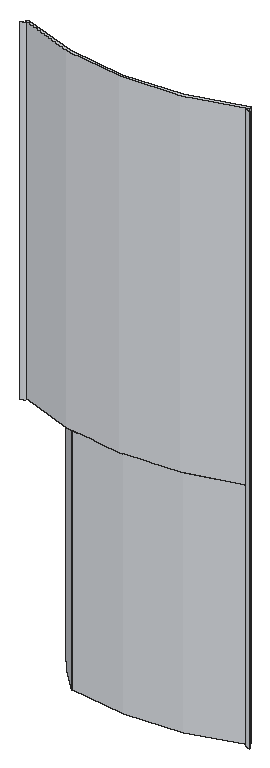
Revit family "Forte 8ft Tower Door Right", category Furniture, Revit 2011
Parameters (values of type "Forte 20' Tower Door Right")
  URL = "http://www.wengercorp.com/Home/Contact.html"
  Tower Label = Labels : 20ft
  Tower Height (16', 17', 18', 19', 20') = 20' - 0"
  Toekick Material [instance] = none
  RH End Panel [instance] = no
  Model = "60"
  Manufacturer = "Wenger Corporation"
  LH End Panel [instance] = no
  End Panel Material [instance] = none
  Edge Banding Material [instance] = none
  Door Material [instance] = none
  Description = "Standard 20ft Forte Tower"
  Assembly Code = ""
Types (5): name | Tower Label | Tower Height (16', 17', 18', 19', 20') | Description
  Forte 16' Tower Door Right | Labels : 16ft | 16' - 0" | "Standard 16' Forte Tower"
  Forte 17' Tower Door Right | Labels : 17ft | 17' - 0" | "Standard 17ft Forte Tower"
  Forte 18' Tower Door Right | Labels : 18ft | 18' - 0" | "Standard 18ft Forte Tower"
  Forte 19' Tower Door Right | Labels : 19ft | 19' - 0" | "Standard 19ft Forte Tower"
  Forte 20' Tower Door Right | Labels : 20ft | 20' - 0" | "Standard 20ft Forte Tower"
Reference planes (in)
  plane 1 "2D overlay plane": z = -15
  plane 2: z = 1.5
  plane 3: z = 0
  plane 4 "Panel Line": y = 788.05204
  plane 5 "Panel Line 8' h": z = 98.88281
  plane 6 "Panel Line 4' h": z = 52.3125
  plane 7 "Panel Line 12' h": z = 145.4375
  plane 8 "Panel Top 16'": z = 240
  plane 9 "Storage Panel Top": z = 32
  plane 10: x = 27.87036
  plane 11: x = 61.37707
  plane 12 "Storage Door Vertical": y = 779.68397
  plane 13: z = 240
  plane 14: z = 232
  plane 15: z = 230
  plane 16 "Door Inside Edge": x = 66.00548
  plane 17 "Door Top": z = 98.38281
  plane 18: x = 23.211
  plane 19 "16 foot panel line": z = 192
Forms (in)
  Extrusion 1, solid
    sketch origin (0.01562, 0, 0.5) x (0, -1, 0) y (1, 0, 0)
      loop
        arc (-788.05204, -2.10568) -> (-778.50111, 44.60534) -> (-788.04976, 91.31682) r 119.01526
        line (-788.04976, 91.31682) -> (-788.96951, 90.92437)
        arc (-788.96951, 90.92437) -> (-779.50113, 44.60536) -> (-788.97177, -1.71318) r 118.01559
        line (-788.97177, -1.71318) -> (-788.05204, -2.10568)
    from 98.38281 to 239.5
  Extrusion 2, solid
    sketch origin (0, 0, 5.75) x (0, -1, 0) y (1, 0, 0)
      loop
        line (-814.48958, 31.889) -> (-814.48958, 57.32749) -> (-818.48958, 57.32749) -> (-818.48958, 31.889) -> (-814.48958, 31.889)
    from 0 to 4
  Extrusion 3, solid
    sketch origin (0, 0, 5.75) x (0, -1, 0) y (1, 0, 0)
      loop
        line (-818.48958, 34.09243) -> (-817.35949, 34.09243)
        arc (-817.35949, 34.09243) -> (-816.48449, 34.96743) -> (-815.60949, 34.09243) r 0.875
        line (-815.60949, 34.09243) -> (-814.48958, 34.09243) -> (-814.48958, 55.13162) -> (-815.61411, 55.13162)
        arc (-815.61411, 55.13162) -> (-816.48092, 54.26481) -> (-817.34773, 55.13162) r 0.86681
        line (-817.34773, 55.13162) -> (-818.48958, 55.13162) -> (-818.48958, 34.09243)
    from 4 to 12
  Extrusion 4, solid
    sketch origin (0, 0, 5.75) x (0, -1, 0) y (1, 0, 0)
      loop
        line (-785.88036, 27.28815) -> (-814.48958, 33.36922) -> (-814.48958, 31.889) -> (-785.88036, 25.80792) -> (-785.88036, 27.28815)
    from 0 to 4
  Extrusion 5, solid
    sketch origin (0, 0, 5.75) x (0, -1, 0) y (1, 0, 0)
      loop
        line (-785.88036, 61.92834) -> (-785.88036, 63.40828) -> (-814.48958, 57.32749) -> (-814.48958, 55.84726) -> (-785.88036, 61.92834)
    from 0 to 4
  Extrusion 6, solid
    sketch origin (0, 0.03125, 9.75) x (0, -1, 0) y (1, 0, 0)
      loop
        line (-816.8385, 55.7981) -> (-817.21612, 55.14405) -> (-816.8385, 54.48999) -> (-816.08326, 54.48999) -> (-815.70564, 55.14405) -> (-816.08326, 55.7981) -> (-816.8385, 55.7981)
    from 0 to 15.75
  Extrusion 7, solid
    sketch origin (-21.04546, 0.03125, 9.75) x (0, -1, 0) y (1, 0, 0)
      loop
        line (-816.8385, 55.7981) -> (-817.21612, 55.14405) -> (-816.8385, 54.48999) -> (-816.08326, 54.48999) -> (-815.70564, 55.14405) -> (-816.08326, 55.7981) -> (-816.8385, 55.7981)
    from 0 to 15.75
  Extrusion 8, solid
    sketch origin (-179.68383, 21.84325, 0.375) x (0.207912, 0.978148, 0) y (0, 0, 1)
      loop
        line (809.23958, 9.75) -> (790.11821, 24.15899) -> (790.11821, 22.65899) -> (807.73168, 9.38628) -> (809.72225, 9.38628) -> (809.23958, 9.75)
    from 42.27597 to 43.44341
  Extrusion 9, solid
    sketch origin (0, 0, 5.75) x (0, -1, 0) y (1, 0, 0)
      loop
        line (-781.2366, 24.8363) -> (-780.88935, 26.80566) -> (-785.55916, 27.62907) -> (-785.88028, 25.8079) -> (-781.2366, 24.8363)
    from 4 to 226.25
  Extrusion 10, solid
    sketch origin (268.90783, 21.84325, 0.375) x (-0.207912, 0.978148, 0) y (0, 0, -1)
      loop
        line (809.23958, -9.75) -> (809.72225, -9.38628) -> (807.73168, -9.38628) -> (790.11821, -22.65899) -> (790.11821, -24.15899) -> (809.23958, -9.75)
    from 42.27597 to 43.44341
  Extrusion 11, solid
    sketch origin (89.22399, 0, 5.75) x (0, -1, 0) y (1, 0, 0)
      loop
        line (-781.22862, -24.83463) -> (-785.88028, -25.8079) -> (-785.55916, -27.62907) -> (-780.88132, -26.80424) -> (-781.22862, -24.83463)
    from 4 to 226.25
  Extrusion 12, solid
    sketch origin (0, 0, 182) x (0, -1, 0) y (1, 0, 0)
      loop
        line (-785.55916, 27.62907) -> (-780.88132, 26.80424)
        arc (-780.88132, 26.80424) -> (-779.50188, 44.612) -> (-780.88132, 62.41975) r 115.63339
        line (-780.88132, 62.41975) -> (-785.55916, 61.59492) -> (-785.55916, 27.62907)
    from 48 to 50
  Extrusion 13, solid
    sketch origin (0, 0, 36) x (0, -1, 0) y (1, 0, 0)
      loop
        line (-785.55916, 27.62907) -> (-780.88132, 26.80424)
        arc (-780.88132, 26.80424) -> (-779.50188, 44.612) -> (-780.88132, 62.41975) r 115.63339
        line (-780.88132, 62.41975) -> (-785.55916, 61.59492) -> (-785.55916, 27.62907)
    from 0 to 2
  Extrusion 14, solid
    sketch origin (0, 0, 2.75) x (0, -1, 0) y (1, 0, 0)
      loop
        line (-785.89434, 25.81085) -> (-781.17172, 24.82261) -> (-780.7542, 27.79342) -> (-785.89434, 28.88599) -> (-785.89434, 25.81085)
    from 1.25 to 7
  Extrusion 15, solid
    sketch origin (89.22399, 0, 2.75) x (0, -1, 0) y (1, 0, 0)
      loop
        line (-785.89434, -25.81085) -> (-785.89434, -28.88599) -> (-780.7542, -27.79342) -> (-781.17172, -24.82261) -> (-785.89434, -25.81085)
    from 1.25 to 7
  Extrusion 16, solid
    sketch origin (-21.04546, 0.03125, 2.75) x (0, -1, 0) y (1, 0, 0)
      loop
        line (-816.8385, 55.7981) -> (-817.21612, 55.14405) -> (-816.8385, 54.48999) -> (-816.08326, 54.48999) -> (-815.70564, 55.14405) -> (-816.08326, 55.7981) -> (-816.8385, 55.7981)
    from 1.25 to 3
  Extrusion 17, solid
    sketch origin (0, 0.03125, 2.75) x (0, -1, 0) y (1, 0, 0)
      loop
        line (-816.8385, 55.7981) -> (-817.21612, 55.14405) -> (-816.8385, 54.48999) -> (-816.08326, 54.48999) -> (-815.70564, 55.14405) -> (-816.08326, 55.7981) -> (-816.8385, 55.7981)
    from 1.25 to 3
  Extrusion 18, solid
    sketch origin (0, 0, 0) x (0, -1, 0) y (1, 0, 0)
      loop
        line (-786.56615, -3.38412) -> (-786.4804, -3.38412)
        arc (-786.4804, -3.38412) -> (-786.61683, -2.34784) -> (-787.01681, -1.38218) r 4.00387
        line (-787.01681, -1.38218) -> (-787.09455, -1.45992)
        arc (-787.09455, -1.45992) -> (-786.70856, -2.38857) -> (-786.56615, -3.38412) r 4.00387
    from 98.88281 to 240
  Extrusion 19, solid
    sketch origin (89.22399, 0, 0) x (0, -1, 0) y (1, 0, 0)
      loop
        arc (-786.56615, 3.38412) -> (-786.70856, 2.38857) -> (-787.09455, 1.45992) r 4.00387
        line (-787.09455, 1.45992) -> (-787.01681, 1.38218)
        arc (-787.01681, 1.38218) -> (-786.61683, 2.34784) -> (-786.4804, 3.38412) r 4.00387
        line (-786.4804, 3.38412) -> (-786.56615, 3.38412)
    from 1.5 to 240
  Extrusion 20, solid
    sketch origin (33.39227, 0, 0) x (0, 1, 0) y (0, 0, 1)
      loop
        line (814.49213, 2) -> (815.07791, 0.58579) -> (816.49213, 0) -> (817.90634, 0.58579) -> (818.49213, 2) -> (817.90634, 3.41421) -> (816.49213, 4) -> (815.07791, 3.41421) -> (814.49213, 2)
    from 0 to 1.5
  Extrusion 21, solid
    sketch origin (26.13887, -33.13714, 0) x (0, 1, 0) y (0, 0, 1)
      loop
        line (814.49213, 2) -> (815.07791, 0.58579) -> (816.49213, 0) -> (817.90634, 0.58579) -> (818.49213, 2) -> (817.90634, 3.41421) -> (816.49213, 4) -> (815.07791, 3.41421) -> (814.49213, 2)
    from 0 to 1.5
  Extrusion 22, solid
    sketch origin (55.83172, 0, 0) x (0, 1, 0) y (0, 0, -1)
      loop
        line (814.49213, -2) -> (815.07791, -3.41421) -> (816.49213, -4) -> (817.90634, -3.41421) -> (818.49213, -2) -> (817.90634, -0.58579) -> (816.49213, 0) -> (815.07791, -0.58579) -> (814.49213, -2)
    from 0 to 1.5
  Extrusion 23, solid
    sketch origin (63.08513, -33.13714, 0) x (0, 1, 0) y (0, 0, -1)
      loop
        line (814.49213, -2) -> (815.07791, -3.41421) -> (816.49213, -4) -> (817.90634, -3.41421) -> (818.49213, -2) -> (817.90634, -0.58579) -> (816.49213, 0) -> (815.07791, -0.58579) -> (814.49213, -2)
    from 0 to 1.5
  Extrusion 24, solid
    sketch origin (525.54242, 179.02177, -15) x (-0.819152, -0.573576, 0) y (0.573576, -0.819152, 0)
      loop
        arc (65.8048, -781.47643) -> (68.18321, -793.7174) -> (69.26249, -806.14051) r 118.53593
        line (69.26249, -806.14051) -> (70.26111, -806.09714)
        arc (70.26111, -806.09714) -> (69.17266, -793.57646) -> (66.77625, -781.23914) r 119.59156
        line (66.77625, -781.23914) -> (65.8048, -781.47643)
    from 16.5 to 113.38281
  Extrusion 25, solid
    sketch origin (0, 0, 0) x (1, 0, 0) y (0, 1, 0)
      loop
        line (23.41198, 781.47796) -> (23.22117, 780.49633)
        arc (23.22117, 780.49633) -> (57.82957, 779.28868) -> (91.33245, 788.04976) r 119.56324
        line (91.33245, 788.04976) -> (90.94, 788.96951)
        arc (90.94, 788.96951) -> (57.72819, 780.24628) -> (23.41198, 781.47796) r 117.72387
    from 1.5 to 98.88281
Lines and regions (in)
  model lines
    curve 1: arc (-2.06469, 788.04775, 98.88281) -> (44.60824, 778.25543, 98.88281) -> (91.28118, 788.04775, 98.88281) r 116.12428
    curve 2: arc (-2.10568, 788.05204, 145.4375) -> (44.60824, 778.25111, 145.4375) -> (91.32217, 788.05204, 145.4375) r 116.22625
    curve 3: line (27.87036, 779.68397, 32) -> (27.87036, 779.68397, 1.5)
    curve 4: line (61.37707, 779.68397, 32) -> (61.37707, 779.68397, 1.5)
    curve 5: arc (27.87036, 779.68397, 32) -> (44.62371, 778.50111, 32) -> (61.37707, 779.68397, 32) r 119.23416
    curve 6: arc (-2.10568, 788.05204, 240) -> (44.60824, 778.50111, 240) -> (91.32217, 788.05204, 240) r 119.01523
    curve 7: arc (23.22117, 780.49633, 52.3125) -> (57.83573, 779.23309, 52.3125) -> (91.33245, 788.04976, 52.3125) r 118.29997
    curve 8: arc (-2.09005, 788.05204, 240) -> (44.62117, 778.50111, 240) -> (91.33239, 788.05204, 240) r 119.00204
    curve 9: arc (-2.09005, 788.05204, 240) -> (44.62387, 778.50111, 240) -> (91.33779, 788.05204, 240) r 119.01518
    curve 10: arc (-2.09005, 787.80204, 192) -> (44.6212, 778.25111, 192) -> (91.33245, 787.80204, 192) r 119.00221
Dimensions and locks (in)
  Extrusion 1 to plane 7 "Panel Line 12' h" = 7' - 10 9/16"
  plane 7 "Panel Line 12' h" to plane 5 "Panel Line 8' h" = 3' - 10 71/128"
  plane 5 "Panel Line 8' h" to plane 6 "Panel Line 4' h" = 3' - 10 73/128"
  "Tower Height (16', 17', 18', 19', 20')": plane 8 "Panel Top 16'" to level
  plane 9 "Storage Panel Top" to level = 2' - 8"
  locked: plane 14 to plane 8 "Panel Top 16'" at 8
  locked: plane 15 to plane 14 at 2
  plane 6 "Panel Line 4' h" to level = 4' - 4 5/16"
  "Tower Height (16', 17', 18', 19', 20')": plane 13 to plane 3
  aligned and locked: plane 8 "Panel Top 16'" to Extrusion 1
  aligned and locked: Extrusion 1 to Extrusion 18
  aligned and locked: Extrusion 19 to Extrusion 1
  aligned and locked: Extrusion 9 to Extrusion 11
  aligned and locked: Extrusion 9 to Extrusion 12
  aligned and locked: Extrusion 12 to Extrusion 11
  aligned and locked: Extrusion 12 to plane 15
  aligned and locked: plane 14 to Extrusion 9
Automatic sketch dimensions
  plane 11 to Extrusion 1 sketch curve = 1' - 4.7532"
  plane 4 "Panel Line" to Extrusion 1 sketch curve = 9' - 1.46468"
  Extrusion 1 sketch curve to Extrusion 1 sketch curve = 0' - 0.00034"
  plane 4 "Panel Line" to Extrusion 1 sketch curve = 0' - 0.91974"
  plane 4 "Panel Line" to Extrusion 1 sketch curve = 0' - 0.91748"
  Extrusion 1 sketch curve to plane 4 "Panel Line" = 0' - 0"
  Extrusion 1 sketch curve to plane 4 "Panel Line" = 0' - 0.00228"
  plane 10 to Extrusion 1 sketch curve = 2' - 5.56792"
  Extrusion 1 sketch curve to Extrusion 1 sketch curve = 0' - 0.3925"
  Extrusion 1 sketch curve to Extrusion 1 sketch curve = 0' - 0"
  Extrusion 2 sketch curve to plane 10 = 0' - 4.01863"
  plane 4 "Panel Line" to Extrusion 2 sketch curve = 2' - 6.43754"
  Extrusion 2 sketch curve to Extrusion 2 sketch curve = 0' - 4"
  plane 11 to Extrusion 2 sketch curve = 0' - 4.04958"
  Extrusion 3 sketch curve to plane 10 = 0' - 6.22207"
  plane 4 "Panel Line" to Extrusion 3 sketch curve = 2' - 6.43754"
  Extrusion 3 sketch curve to Extrusion 3 sketch curve = 0' - 1.13009"
  Extrusion 3 sketch curve to Extrusion 3 sketch curve = 0' - 1.14185"
  Extrusion 3 sketch curve to Extrusion 3 sketch curve = 0' - 0 7/8"
  Extrusion 3 sketch curve to Extrusion 3 sketch curve = 0' - 0.86681"
  Extrusion 3 sketch curve to Extrusion 3 sketch curve = 0' - 1.11991"
  plane 11 to Extrusion 3 sketch curve = 0' - 6.24545"
  Extrusion 4 sketch curve to plane 10 = 0' - 4.01863"
  plane 4 "Panel Line" to Extrusion 4 sketch curve = 2' - 2.43754"
  plane 10 to Extrusion 4 sketch curve = 0' - 0.58222"
  Extrusion 4 sketch curve to plane 4 "Panel Line" = 0' - 2.17167"
  Extrusion 4 sketch curve to Extrusion 4 sketch curve = 0' - 1.48023"  (x2)
  plane 11 to Extrusion 5 sketch curve = 0' - 4.04958"
  plane 4 "Panel Line" to Extrusion 5 sketch curve = 2' - 2.43754"
  Extrusion 5 sketch curve to plane 11 = 0' - 0.55127"
  Extrusion 5 sketch curve to plane 4 "Panel Line" = 0' - 2.17167"
  Extrusion 5 sketch curve to Extrusion 5 sketch curve = 0' - 1.48023"
  Extrusion 5 sketch curve to Extrusion 5 sketch curve = 0' - 1.47994"
  plane 11 to Extrusion 6 sketch curve = 0' - 6.23302"  (x2)
  plane 4 "Panel Line" to Extrusion 6 sketch curve = 2' - 5.19533"
  plane 11 to Extrusion 6 sketch curve = 0' - 5.57896"
  Extrusion 6 sketch curve to Extrusion 6 sketch curve = 0' - 0.37762"  (x3)
  plane 11 to Extrusion 6 sketch curve = 0' - 6.88708"
  Extrusion 6 sketch curve to Extrusion 6 sketch curve = 0' - 0.75524"  (x2)
  Extrusion 7 sketch curve to plane 10 = 0' - 6.22822"  (x2)
  plane 4 "Panel Line" to Extrusion 7 sketch curve = 2' - 5.19533"
  Extrusion 7 sketch curve to plane 10 = 0' - 6.88228"
  Extrusion 7 sketch curve to Extrusion 7 sketch curve = 0' - 0.37762"  (x3)
  Extrusion 7 sketch curve to plane 10 = 0' - 5.57416"
  Extrusion 7 sketch curve to Extrusion 7 sketch curve = 0' - 0.75524"  (x2)
  Extrusion 8 sketch curve to plane 9 "Storage Panel Top" = 0' - 7.46601"
  plane 2 to Extrusion 8 sketch curve = 0' - 8.26128"
  Extrusion 8 sketch curve to Extrusion 8 sketch curve = 1' - 5.61348"
  plane 2 to Extrusion 8 sketch curve = 0' - 8 5/8"
  Extrusion 8 sketch curve to Extrusion 8 sketch curve = 0' - 1.5079"
  Extrusion 8 sketch curve to Extrusion 8 sketch curve = 0' - 0.48267"
  Extrusion 8 sketch curve to Extrusion 8 sketch curve = 0' - 1 1/2"
  Extrusion 9 sketch curve to plane 4 "Panel Line" = 0' - 2.17176"
  plane 10 to Extrusion 9 sketch curve = 0' - 0.24129"
  Extrusion 9 sketch curve to Extrusion 9 sketch curve = 0' - 0.32112"
  plane 12 "Storage Door Vertical" to Extrusion 9 sketch curve = 0' - 1.55263"
  plane 10 to Extrusion 9 sketch curve = 0' - 1.0647"
  Extrusion 9 sketch curve to Extrusion 9 sketch curve = 0' - 0.34725"
  Extrusion 10 sketch curve to plane 9 "Storage Panel Top" = 0' - 7.46601"
  plane 2 to Extrusion 10 sketch curve = 0' - 8.26128"
  Extrusion 10 sketch curve to Extrusion 10 sketch curve = 1' - 5.61348"
  plane 2 to Extrusion 10 sketch curve = 0' - 8 5/8"
  Extrusion 10 sketch curve to Extrusion 10 sketch curve = 0' - 1.5079"
  Extrusion 10 sketch curve to Extrusion 10 sketch curve = 0' - 0.48267"
  Extrusion 10 sketch curve to Extrusion 10 sketch curve = 0' - 1 1/2"
  Extrusion 11 sketch curve to plane 4 "Panel Line" = 0' - 2.17176"
  Extrusion 11 sketch curve to plane 11 = 0' - 0.21785"
  Extrusion 11 sketch curve to Extrusion 11 sketch curve = 0' - 0.32112"
  plane 12 "Storage Door Vertical" to Extrusion 11 sketch curve = 0' - 1.54465"
  Extrusion 11 sketch curve to plane 11 = 0' - 1.04268"
  Extrusion 11 sketch curve to Extrusion 11 sketch curve = 0' - 0.3473"
  Extrusion 12 sketch curve to plane 10 = 1' - 4.74163"
  plane 4 "Panel Line" to Extrusion 12 sketch curve = 8' - 11.08324"
  Extrusion 12 sketch curve to plane 11 = 0' - 0.21785"
  Extrusion 12 sketch curve to plane 4 "Panel Line" = 0' - 2.49288"
  plane 12 "Storage Door Vertical" to Extrusion 12 sketch curve = 0' - 1.19735"
  Extrusion 12 sketch curve to plane 11 = 0' - 1.04268"
  Extrusion 12 sketch curve to Extrusion 12 sketch curve = 0' - 4.67784"
  plane 10 to Extrusion 12 sketch curve = 0' - 0.24129"
  Extrusion 13 sketch curve to plane 10 = 1' - 4.74163"
  plane 4 "Panel Line" to Extrusion 13 sketch curve = 8' - 11.08324"
  Extrusion 13 sketch curve to plane 11 = 0' - 0.21785"
  Extrusion 13 sketch curve to plane 4 "Panel Line" = 0' - 2.49288"
  plane 12 "Storage Door Vertical" to Extrusion 13 sketch curve = 0' - 1.19735"
  Extrusion 13 sketch curve to plane 11 = 0' - 1.04268"
  Extrusion 13 sketch curve to Extrusion 13 sketch curve = 0' - 4.67784"
  plane 10 to Extrusion 13 sketch curve = 0' - 0.24129"
  Extrusion 14 sketch curve to plane 10 = 0' - 1 1/64"
  Extrusion 14 sketch curve to plane 4 "Panel Line" = 0' - 2.15769"
  plane 12 "Storage Door Vertical" to Extrusion 14 sketch curve = 0' - 1.48775"
  plane 10 to Extrusion 14 sketch curve = 0' - 0.07695"
  plane 12 "Storage Door Vertical" to Extrusion 14 sketch curve = 0' - 1.07023"
  plane 10 to Extrusion 14 sketch curve = 0' - 2.05952"
  Extrusion 14 sketch curve to Extrusion 14 sketch curve = 0' - 2.9708"
  plane 11 to Extrusion 15 sketch curve = 0' - 1 5/128"
  Extrusion 15 sketch curve to plane 4 "Panel Line" = 0' - 2.15769"
  plane 12 "Storage Door Vertical" to Extrusion 15 sketch curve = 0' - 1.48775"
  Extrusion 15 sketch curve to plane 11 = 0' - 0.05351"
  plane 12 "Storage Door Vertical" to Extrusion 15 sketch curve = 0' - 1.07023"
  Extrusion 15 sketch curve to plane 11 = 0' - 2.03608"
  Extrusion 15 sketch curve to plane 16 "Door Inside Edge" = 0' - 1.6041"
  Extrusion 16 sketch curve to plane 10 = 0' - 6.22822"  (x2)
  plane 4 "Panel Line" to Extrusion 16 sketch curve = 2' - 5.19533"
  Extrusion 16 sketch curve to plane 10 = 0' - 6.88228"
  Extrusion 16 sketch curve to Extrusion 16 sketch curve = 0' - 0.37762"  (x3)
  Extrusion 16 sketch curve to plane 10 = 0' - 5.57416"
  Extrusion 16 sketch curve to Extrusion 16 sketch curve = 0' - 0.75524"  (x2)
  plane 11 to Extrusion 17 sketch curve = 0' - 6.23302"  (x2)
  plane 4 "Panel Line" to Extrusion 17 sketch curve = 2' - 5.19533"
  plane 11 to Extrusion 17 sketch curve = 0' - 5.57896"
  Extrusion 17 sketch curve to Extrusion 17 sketch curve = 0' - 0.37762"  (x3)
  plane 11 to Extrusion 17 sketch curve = 0' - 6.88708"
  Extrusion 17 sketch curve to Extrusion 17 sketch curve = 0' - 0.75524"  (x2)
  plane 4 "Panel Line" to Extrusion 18 sketch curve = 0' - 2.51747"
  Extrusion 18 sketch curve to Extrusion 18 sketch curve = 0' - 0.08523"
  Extrusion 18 sketch curve to plane 4 "Panel Line" = 0' - 0.95748"
  Extrusion 18 sketch curve to Extrusion 18 sketch curve = 0' - 0.07774"
  Extrusion 18 sketch curve to plane 4 "Panel Line" = 0' - 1.48588"
  Extrusion 18 sketch curve to Extrusion 18 sketch curve = 0' - 0.08575"
  plane 10 to Extrusion 18 sketch curve = 2' - 7.31919"
  Extrusion 18 sketch curve to Extrusion 18 sketch curve = 0' - 0.0647"
  plane 4 "Panel Line" to Extrusion 19 sketch curve = 0' - 2.51747"
  Extrusion 19 sketch curve to Extrusion 19 sketch curve = 0' - 0.08523"
  Extrusion 19 sketch curve to plane 4 "Panel Line" = 0' - 0.95748"
  Extrusion 19 sketch curve to Extrusion 19 sketch curve = 0' - 0.07774"  (x2)
  Extrusion 19 sketch curve to plane 4 "Panel Line" = 0' - 1.48588"
  Extrusion 19 sketch curve to Extrusion 19 sketch curve = 0' - 0.08575"
  plane 16 "Door Inside Edge" to Extrusion 19 sketch curve = 2' - 0.60069"
  level to Extrusion 20 sketch curve = 0' - 0"
  plane 2 to Extrusion 20 sketch curve = 0' - 0 1/2"  (x2)
  plane 4 "Panel Line" to Extrusion 20 sketch curve = 2' - 2.44009"
  level to Extrusion 20 sketch curve = 0' - 0.58579"  (x2)
  Extrusion 20 sketch curve to Extrusion 20 sketch curve = 0' - 0.58579"  (x3)
  plane 2 to Extrusion 20 sketch curve = 0' - 1.91421"  (x2)
  Extrusion 20 sketch curve to Extrusion 20 sketch curve = 0' - 1.41421"  (x4)
  plane 2 to Extrusion 20 sketch curve = 0' - 2 1/2"
  level to Extrusion 21 sketch curve = 0' - 0"
  plane 2 to Extrusion 21 sketch curve = 0' - 0 1/2"  (x2)
  plane 12 "Storage Door Vertical" to Extrusion 21 sketch curve = 0' - 1.67101"
  level to Extrusion 21 sketch curve = 0' - 0.58579"  (x2)
  Extrusion 21 sketch curve to Extrusion 21 sketch curve = 0' - 0.58579"  (x4)
  Extrusion 21 sketch curve to Extrusion 21 sketch curve = 0' - 1.41421"  (x6)
  Extrusion 22 sketch curve to level = 0' - 0"
  plane 2 to Extrusion 22 sketch curve = 0' - 0 1/2"  (x2)
  plane 4 "Panel Line" to Extrusion 22 sketch curve = 2' - 2.44009"
  level to Extrusion 22 sketch curve = 0' - 0.58579"  (x2)
  Extrusion 22 sketch curve to Extrusion 22 sketch curve = 0' - 0.58579"  (x3)
  plane 2 to Extrusion 22 sketch curve = 0' - 1.91421"  (x2)
  Extrusion 22 sketch curve to Extrusion 22 sketch curve = 0' - 1.41421"  (x4)
  plane 2 to Extrusion 22 sketch curve = 0' - 2 1/2"
  Extrusion 23 sketch curve to level = 0' - 0"
  plane 2 to Extrusion 23 sketch curve = 0' - 0 1/2"  (x2)
  plane 12 "Storage Door Vertical" to Extrusion 23 sketch curve = 0' - 1.67101"
  level to Extrusion 23 sketch curve = 0' - 0.58579"  (x2)
  Extrusion 23 sketch curve to Extrusion 23 sketch curve = 0' - 0.58579"  (x4)
  Extrusion 23 sketch curve to Extrusion 23 sketch curve = 0' - 1.41421"  (x6)
  curve 1 to plane 4 "Panel Line" = 0' - 0.00428"  (x2)
  plane 16 "Door Inside Edge" to curve 1 = 2' - 1.2757"
  curve 1 to plane 10 = 1' - 4.73788"
  plane 4 "Panel Line" to curve 1 = 8' - 10.32767"
  curve 2 to plane 4 "Panel Line" = 0' - 0"  (x2)
  plane 16 "Door Inside Edge" to curve 2 = 2' - 1.31668"
  curve 2 to plane 10 = 1' - 4.73788"
  plane 4 "Panel Line" to curve 2 = 8' - 10.42533"
  curve 4 to plane 9 "Storage Panel Top" = 0' - 0"
  plane 11 to curve 4 = 0' - 0"
  curve 3 to plane 2 = 0' - 0"
  plane 10 to curve 3 = 0' - 0"
  curve 4 to plane 2 = 0' - 0"
  curve 3 to plane 9 "Storage Panel Top" = 0' - 0"
  curve 5 to plane 11 = 0' - 0"
  curve 5 to plane 10 = 0' - 0"
  curve 5 to plane 12 "Storage Door Vertical" = 0' - 0"  (x2)
  plane 4 "Panel Line" to curve 5 = 9' - 1.68324"
  curve 6 to plane 4 "Panel Line" = 0' - 0"  (x2)
  plane 16 "Door Inside Edge" to curve 6 = 2' - 1.31668"
  curve 6 to plane 10 = 1' - 4.73788"
  plane 4 "Panel Line" to curve 6 = 9' - 1.46431"
  Extrusion 24 sketch curve to plane 16 "Door Inside Edge" = 2' - 11.18898"
  Extrusion 24 sketch curve to plane 4 "Panel Line" = 6' - 10.88492"
  Extrusion 24 sketch curve to Extrusion 24 sketch curve = 0' - 0.05596"
  Extrusion 24 sketch curve to Extrusion 24 sketch curve = 9' - 7.00959"
  Extrusion 24 sketch curve to Extrusion 24 sketch curve = 0' - 0.97144"
  Extrusion 24 sketch curve to Extrusion 24 sketch curve = 0' - 3.45769"
  Extrusion 24 sketch curve to Extrusion 24 sketch curve = 0' - 0.99861"
  Extrusion 24 sketch curve to Extrusion 24 sketch curve = 0' - 0.00556"
  Extrusion 24 sketch curve to Extrusion 24 sketch curve = 0' - 4.03366"
  Extrusion 24 sketch curve to Extrusion 24 sketch curve = 0' - 0.04337"
  Extrusion 25 sketch curve to plane 18 = 0' - 0.01017"
  Extrusion 25 sketch curve to plane 18 = 0' - 0.20098"
  plane 11 to Extrusion 25 sketch curve = 1' - 4.72607"
  Extrusion 25 sketch curve to Extrusion 25 sketch curve = 0' - 0.09655"
  plane 4 "Panel Line" to Extrusion 25 sketch curve = 0' - 0.91748"
  plane 16 "Door Inside Edge" to Extrusion 25 sketch curve = 2' - 0.93451"
  Extrusion 25 sketch curve to plane 4 "Panel Line" = 0' - 0.00228"
  Extrusion 25 sketch curve to Extrusion 25 sketch curve = 0' - 0.39245"
  plane 12 "Storage Door Vertical" to Extrusion 25 sketch curve = 0' - 1.79399"
  Extrusion 25 sketch curve to Extrusion 25 sketch curve = 0' - 0.98163"
  curve 7 to plane 4 "Panel Line" = 0' - 0.00228"
  plane 16 "Door Inside Edge" to curve 7 = 2' - 1.32696"
  plane 11 to curve 7 = 1' - 4.58067"
  curve 7 to plane 18 = 0' - 0.01017"
  plane 4 "Panel Line" to curve 7 = 9' - 0.76021"
  curve 9 to plane 4 "Panel Line" = 0' - 0"  (x2)
  plane 16 "Door Inside Edge" to curve 9 = 2' - 1.33231"
  curve 8 to plane 4 "Panel Line" = 0' - 0"
  curve 9 to curve 8 = 0' - 0.0054"
  plane 11 to curve 9 = 1' - 4.7532"
  curve 9 to curve 8 = 0' - 0.0027"
  curve 8 to curve 9 = 0' - 0"
  plane 4 "Panel Line" to curve 8 = 9' - 1.45112"
  curve 9 to curve 8 = 0' - 0.01312"
  curve 10 to plane 4 "Panel Line" = 0' - 0 1/4"  (x2)
  plane 16 "Door Inside Edge" to curve 10 = 2' - 1.32697"
  curve 10 to plane 10 = 1' - 4.75084"
  plane 4 "Panel Line" to curve 10 = 9' - 1.20129"
Nested families (in)
  nested 1: "Labels" at (44.56262, 798.81006, 0), type <- "Tower Label", type "20ft"
Definition of nested family "Labels"
  Parameters (values of type "Standard")
    Cabinet Label = "01"
  Types (4): name | Cabinet Label
    Standard | "01"
    Narrow | "01N"
    Narrow Acoustic | "01NA"
    Acoustic | "01A"
  Reference planes (in)
    plane 1: y = 0
    plane 2: x = 0
  Text (in)
    label "xxxx" at (-0.00018, 0.00754, 0), shows "Cabinet Label"
